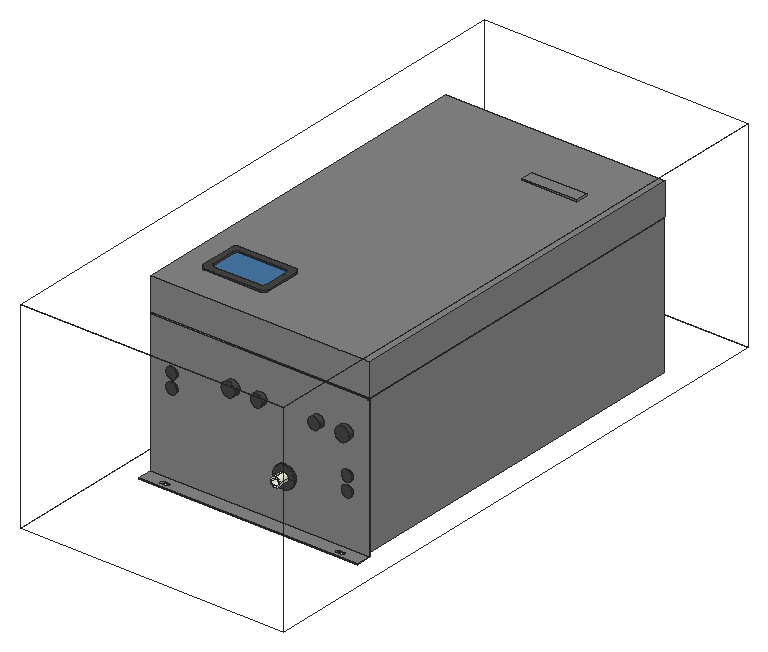
Revit family "Boiler-Weil_McLain-Simplicity-110MBH_150MBH", category Mechanical Equipment, host Face, Revit 2020
Family settings
  Host = Face
  Round Connector Dimension = Use Diameter
  Part Type = Normal
  OmniClass Number = 23.75.10.11.14.14
  OmniClass Title = Condensing Boilers
  Cut with Voids When Loaded = No
  Shared = No
  Room Calculation Point = No
Parameters (values of type "150-C")
  Width = 1' - 8"  # constant formula
  Weight = if(Constraint = 1, "96 lb.", "105 lb.")  # "105 lb."
  Vent Option [instance] = if(and([Vent Connection - 2in], [Vent Connection - 3in]), "Select one Vent Option", if([Vent Connection - 2in], "Vent Connection | Size (2in)", if([Vent Connection - 3in], "Vent Connection | Size (3in)", "Select Vent Option")))  # "Select one Vent Option"
  Vent Material [instance] = "PVC,CPVC,PP, SS"  # constant formula
  Vent Diameter [instance] = 3"  # constant formula
  Vent Description [instance] = "Intake Vent"  # constant formula
  Vent Connection - 3in [instance] = yes
  Vent Connection - 2in [instance] = yes
  Tank Capacity = if(Constraint = 1, "2.2 gal.", "3.1 gal.")  # "3.1 gal."
  Power Factor = 1  # constant formula
  Phase = 1  # constant formula
  Number of Poles = 1  # constant formula
  Model = if(Constraint = 1, "110-C", "150-C")  # "150-C"
  Maximum Input Rate = 150000.0 Btu/h
  Manufacturer = "Weil-McLain®"  # constant formula
  Keynote = ""
  Hot Water Connection Diameter = 1/2"  # constant formula
  Hot Water Connection Description = "Male NPT"  # constant formula
  Gas Supply Connection Diameter = 1/2"  # constant formula
  Gas Supply Connection Description = "Male NPT"  # constant formula
  Frequency = 60 Hz  # constant formula
  Exhaust Diameter [instance] = if([Vent Connection - 3in], 3", 2")  # 3"
  Exhaust Description [instance] = "Exhaust Vent"  # constant formula
  Copyright = "© Copyright - WM Technologies LLC 2015-2024"  # constant formula
  Constraint = 2
  Condensate Tube Connection = 0' - 0 13/16"  # constant formula
  URL = "https://www.weil-mclain.com/"
  Product Page URL = ""
  Product Name = "Simplicity™"  # constant formula
  Product Documentation Link = ""
  Height = 2' - 10"  # constant formula
  Description = "Gas Boiler"  # constant formula
  Depth = 1' - 4"  # constant formula
  Default Elevation = 4' - 0"
  Clearance [instance] = yes
  Boiler Out Description = "Male NPT"  # constant formula
  Boiler Out Connection = 0' - 0 3/4"  # constant formula
  Boiler In Description = "Male NPT"  # constant formula
  Boiler In Connection = 0' - 0 3/4"  # constant formula
  Assembly Code = ""
Types (3): name | Weight | Tank Capacity | Model | Maximum Input Rate | Keynote | Constraint | Default Elevation | Assembly Code
  (no name) | "105 lb." | "3.1 gal." | "150-C" | 150000.0 Btu/h | "" | 2 | 4' - 0" | ""
  110-C | "96 lb." | "2.2 gal." | "110-C" | 110000.0 Btu/h | "D3010500" | 1 | 0' - 0" | "23 52 16"
  150-C | "105 lb." | "3.1 gal." | "150-C" | 150000.0 Btu/h | "" | 2 | 4' - 0" | ""
Reference planes (in)
  plane 1 "Center (Front/Back)": y = 0.0592
  plane 2: z = 0
  plane 3 "Center (Left/Right)": x = 0
  plane 4: x = 10
  plane 5: x = -10
  plane 6: y = 17.0592
  plane 7: y = -16.9408
  plane 8: z = 16
Forms (in)
  Extrusion 1, solid, material "Metal - Weil McLain - Steel", detail levels fine
    sketch origin (0, 0, 0) x (0, 1, 0) y (0, 0, 1)
      loop
        line (-17.95, 0.05) -> (-17.95, 0) -> (-16.53, 0) -> (-16.53, 12.89102) -> (-16.58, 12.89102) -> (-16.58, 0.05) -> (-17.95, 0.05)
    from -10 to 10
  Extrusion 2, solid, material "Metal - Weil McLain - Steel", detail levels fine
    sketch origin (0, 0, 0) x (0, 1, 0) y (0, 0, 1)
      loop
        line (-16.5, 0.38) -> (17.00831, 0.38) -> (17.00831, 12.89102) -> (-16.5, 12.89102) -> (-16.5, 0.38)
    from -10 to 10
  Extrusion 3, solid, material "Metal - Weil McLain - Steel", detail levels fine
    sketch origin (0, 0, 0) x (1, 0, 0) y (0, 1, 0)
      loop
        line (-9.75, -16.25) -> (9.75, -16.25) -> (9.75, 16.75831) -> (-9.75, 16.75831) -> (-9.75, -16.25)
    from 12.89102 to 13.04018
  Extrusion 4, solid, material "Metal - Weil McLain - Steel", detail levels fine
    sketch origin (0, 0, 0) x (0, 1, 0) y (0, 0, 1)
      loop
        line (-16.58, 13.04018) -> (17.0592, 13.04018) -> (17.0592, 16) -> (-16.58, 16) -> (-16.58, 13.04018)
    from -10 to 10
  Extrusion 5, solid, material "Metal - Weil McLain - Steel", detail levels fine
    sketch origin (0, 0, 0) x (1, 0, 0) y (0, 1, 0)
      loop
        line (1.98384, 11.92601) -> (1.98384, 10.77375) -> (7.01611, 10.77375) -> (7.01611, 11.92601) -> (1.98384, 11.92601)
    from 16 to 16.14023
  Extrusion 6, solid, material "Metal - Weil-Mclain - Paint Black", detail levels fine
    sketch origin (0, 0, 0) x (1, 0, 0) y (0, 1, 0)
      loop
        arc (-7.94958, -13.06472) -> (-7.81376, -13.39262) -> (-7.48586, -13.52843) r 0.46371
        line (-7.48586, -13.52843) -> (-2.49586, -13.52843)
        arc (-2.49586, -13.52843) -> (-2.16797, -13.39262) -> (-2.03215, -13.06472) r 0.46371
        line (-2.03215, -13.06472) -> (-2.03215, -9.97872)
        arc (-2.03215, -9.97872) -> (-2.16797, -9.65083) -> (-2.49586, -9.51501) r 0.46371
        line (-2.49586, -9.51501) -> (-7.48586, -9.51501)
        arc (-7.48586, -9.51501) -> (-7.81376, -9.65083) -> (-7.94958, -9.97872) r 0.46371
        line (-7.94958, -9.97872) -> (-7.94958, -13.06472)
      loop
        arc (-7.02967, -10.06188) -> (-7.29344, -10.17114) -> (-7.4027, -10.43492) r 0.37303
        line (-7.4027, -10.43492) -> (-7.4027, -12.60853)
        arc (-7.4027, -12.60853) -> (-7.29344, -12.8723) -> (-7.02967, -12.98156) r 0.37303
        line (-7.02967, -12.98156) -> (-2.95206, -12.98156)
        arc (-2.95206, -12.98156) -> (-2.68828, -12.8723) -> (-2.57902, -12.60853) r 0.37303
        line (-2.57902, -12.60853) -> (-2.57902, -10.43492)
        arc (-2.57902, -10.43492) -> (-2.68828, -10.17114) -> (-2.95206, -10.06188) r 0.37303
        line (-2.95206, -10.06188) -> (-7.02967, -10.06188)
    from 16 to 16.14023
  Extrusion 7, solid, material "Screen - Weil-McLain - Display Screen", detail levels fine
    sketch origin (0, 0, 0) x (1, 0, 0) y (0, 1, 0)
      loop
        arc (-7.02967, -10.06188) -> (-7.29344, -10.17114) -> (-7.4027, -10.43492) r 0.37303
        line (-7.4027, -10.43492) -> (-7.4027, -12.60853)
        arc (-7.4027, -12.60853) -> (-7.29344, -12.8723) -> (-7.02967, -12.98156) r 0.37303
        line (-7.02967, -12.98156) -> (-2.95206, -12.98156)
        arc (-2.95206, -12.98156) -> (-2.68828, -12.8723) -> (-2.57902, -12.60853) r 0.37303
        line (-2.57902, -12.60853) -> (-2.57902, -10.43492)
        arc (-2.57902, -10.43492) -> (-2.68828, -10.17114) -> (-2.95206, -10.06188) r 0.37303
        line (-2.95206, -10.06188) -> (-7.02967, -10.06188)
    from 16 to 16.05863
  Extrusion 8, void
    sketch origin (0, 0, 0) x (1, 0, 0) y (0, 1, 0)
      loop
        arc (-8.2, -17.26) -> (-8.39, -17.45) -> (-8.2, -17.64) r 0.19
        line (-8.2, -17.64) -> (-7.8, -17.64)
        arc (-7.8, -17.64) -> (-7.61, -17.45) -> (-7.8, -17.26) r 0.19
        line (-7.8, -17.26) -> (-8.2, -17.26)
      loop
        line (8.2, -17.26) -> (7.8, -17.26)
        arc (7.8, -17.26) -> (7.61, -17.45) -> (7.8, -17.64) r 0.19
        line (7.8, -17.64) -> (8.2, -17.64)
        arc (8.2, -17.64) -> (8.39, -17.45) -> (8.2, -17.26) r 0.19
    from 0 to 0.05
  Revolve 9, solid, material "Metal - Weil-Mclain - Paint Black", detail levels fine
    sketch origin (0, 0, 8.88062) x (1, 0, 0) y (0, 1, 0)
      loop
        line (-7.51124, 17.24665) -> (-7.51124, 17.0592) -> (-6.51775, 17.0592) -> (-6.51775, 20.94111) -> (-6.89575, 20.94111) -> (-6.93731, 20.19111) -> (-6.93731, 17.24665) -> (-7.51124, 17.24665)
      axis (-6.51775, 20.94111) -> (-6.51775, 17.0592)
    angle from 0 to 360
  Extrusion 10, solid, material "Plastic - Weil-Mclain - Plastic - White", detail levels fine
    sketch origin (0, 0.0592, 0) x (1, 0, 0) y (0, 0, 1)
      loop
        arc (-6.19327, 10.60919) -> (-6.50468, 10.8021) -> (-6.81609, 10.60919) r 0.3478
        line (-6.81609, 10.60919) -> (-6.89654, 10.20373)
        arc (-6.89654, 10.20373) -> (-7.10254, 10.00716) -> (-7.33329, 9.84032) r 2.09602
        arc (-7.33329, 9.84032) -> (-7.69833, 9.37477) -> (-7.8397, 8.80031) r 1.40691
        line (-7.8397, 8.80031) -> (-7.87902, 7.4673)
        arc (-7.87902, 7.4673) -> (-7.74853, 7.15229) -> (-7.43352, 7.0218) r 0.4455
        line (-7.43352, 7.0218) -> (-5.57584, 7.0218)
        arc (-5.57584, 7.0218) -> (-5.26082, 7.15229) -> (-5.13034, 7.4673) r 0.4455
        line (-5.13034, 7.4673) -> (-5.16965, 8.80031)
        arc (-5.16965, 8.80031) -> (-5.31103, 9.37477) -> (-5.67607, 9.84032) r 1.40691
        arc (-5.67607, 9.84032) -> (-5.90681, 10.00716) -> (-6.11282, 10.20373) r 2.09602
        line (-6.11282, 10.20373) -> (-6.19327, 10.60919)
    from -17 to -16.94911
  Extrusion 11, solid, material "Metal - Weil McLain - Steel", detail levels fine
    sketch origin (0, 0, 0) x (0, 1, 0) y (0, 0, 1)
      loop
        line (18.46636, 8.44774) -> (17.48938, 8.44774)
        arc (17.48938, 8.44774) -> (17.37664, 8.41219) -> (17.30467, 8.3184) r 0.19657
        line (17.30467, 8.3184) -> (17.30467, 7.87544) -> (17.36326, 7.87544) -> (17.36326, 8.30713)
        arc (17.36326, 8.30713) -> (17.41416, 8.36684) -> (17.48938, 8.38915) r 0.13798
        line (17.48938, 8.38915) -> (18.46636, 8.38915) -> (18.46636, 8.44774)
    from -7.91061 to -5.11082
  Extrusion 12, void
    sketch origin (0, 0, 0) x (1, 0, 0) y (0, 1, 0)
      loop
        arc (-7.47668, 18.20665) -> (-7.60168, 18.08165) -> (-7.47668, 17.95665) r 0.125
        line (-7.47668, 17.95665) -> (-5.53739, 17.95665)
        arc (-5.53739, 17.95665) -> (-5.41239, 18.08165) -> (-5.53739, 18.20665) r 0.125
        line (-5.53739, 18.20665) -> (-7.47668, 18.20665)
    from 8.38915 to 8.44774
  Extrusion 13, solid, material "Metal - Weil McLain - Steel", detail levels fine
    sketch origin (0, 0, 0) x (1, 0, 0) y (0, 1, 0)
      loop
        circle (-7.13706, 18.08165) r 0.125
      loop
        circle (-5.88437, 18.08165) r 0.125
    from 7.69844 to 8.95
  Extrusion 14, solid, material "Metal - Weil McLain - Steel", detail levels fine
    sketch origin (-7.13019, 0, 0) x (1, 0, 0) y (0, 1, 0)
      loop
        line (0, 18.30747) -> (-0.20257, 18.19052) -> (-0.20257, 17.95662) -> (0, 17.83967) -> (0.20257, 17.95662) -> (0.20257, 18.19052) -> (0, 18.30747)
      loop
        line (1.23894, 18.30747) -> (1.03638, 18.19052) -> (1.03638, 17.95662) -> (1.23894, 17.83967) -> (1.44151, 17.95662) -> (1.44151, 18.19052) -> (1.23894, 18.30747)
    from 8.12778 to 8.38915
  Revolve 15, solid, material "Plastic - Weil-Mclain - Plastic - White", detail levels fine
    sketch origin (0, 0, 4.8917) x (1, 0, 0) y (0, 1, 0)
      loop
        line (-1.95042, 19.02347) -> (-2.15917, 19.02347) -> (-2.15917, 17.0592) -> (-2.07367, 17.0592) -> (-2.04525, 17.22036) -> (-1.86589, 17.22036) -> (-1.86589, 17.66953) -> (-2.00044, 17.66953) -> (-2.00044, 17.74151) -> (-1.86589, 17.74151) -> (-1.86589, 18.74094) -> (-2.05958, 18.74094) -> (-2.05958, 18.81242) -> (-1.95042, 18.81242) -> (-1.95042, 19.02347)
      axis (-3.82542, 19.02347) -> (-3.82542, 17.0592)
    angle from 0 to 360
  Extrusion 16, solid, material "Plastic - Weil-Mclain - Plastic - White", detail levels fine
    sketch origin (0, 0.0592, 0) x (1, 0, 0) y (0, 0, 1)
      loop
        arc (-2.55267, 6.96483) -> (-2.99083, 7.45007) -> (-3.63053, 7.31504) r 0.6554
        arc (-3.63053, 7.31504) -> (-5.39307, 6.70986) -> (-6.23766, 5.0487) r 2.48201
        arc (-6.23766, 5.0487) -> (-6.46728, 4.34742) -> (-6.00638, 3.77115) r 0.77595
        arc (-6.00638, 3.77115) -> (-4.53454, 2.59443) -> (-2.65455, 2.72342) r 2.59573
        arc (-2.65455, 2.72342) -> (-2.01554, 2.86059) -> (-1.81233, 3.48177) r 0.65585
        arc (-1.81233, 3.48177) -> (-1.48935, 5.37063) -> (-2.55267, 6.96483) r 2.59099
    from -17.03422 to -16.94911
  Extrusion 17, solid, material "Metal - Weil McLain - Steel", detail levels fine
    sketch origin (6.71196, 0.0592, 0) x (1, 0, 0) y (0, 0, 1)
      loop
        line (0, 10.29359) -> (-0.61398, 9.93911) -> (-0.61398, 9.23014) -> (0, 8.87566) -> (0.61398, 9.23014) -> (0.61398, 9.93911) -> (0, 10.29359)
    from -17.69796 to -17.33796
  Revolve 18, solid, material "Metal - Weil McLain - Steel", detail levels fine
    sketch origin (0.03065, 0, 9.5625) x (1, 0, 0) y (0, 1, 0)
      loop
        line (6.15303, 17.75716) -> (6.68131, 17.75716) -> (6.68131, 18.69716) -> (6.11821, 18.69716) -> (6.11821, 18.01379) -> (6.17549, 18.01379) -> (6.15303, 17.75716)
      loop
        line (6.68131, 17.43733) -> (6.11131, 17.43733) -> (6.11131, 17.13385) -> (5.80179, 17.13385) -> (5.80179, 17.0592) -> (6.68131, 17.0592) -> (6.68131, 17.43733)
      axis (6.68131, 18.69716) -> (6.68131, 17.0592)
    angle from 0 to 360
  Extrusion 19, solid, material "Metal - Weil-Mclain - Paint Black"
    sketch origin (0, 0.0592, 0) x (1, 0, 0) y (0, 0, 1)
      loop
        circle (8.20597, 5.24113) r 0.45217
      loop
        circle (8.20597, 6.49113) r 0.45217
    from -17.03422 to -16.94911
  Extrusion 20, solid, material "Plastic - Weil-Mclain - Plastic - White", detail levels fine
    sketch origin (0, 0.0592, 0) x (1, 0, 0) y (0, 0, 1)
      loop
        arc (4.6635, 6.24768) -> (4.37522, 6.94363) -> (3.67926, 7.23191) r 0.98423
        line (3.67926, 7.23191) -> (0.95634, 7.23191)
        arc (0.95634, 7.23191) -> (0.26038, 6.94363) -> (-0.02789, 6.24768) r 0.98423
        line (-0.02789, 6.24768) -> (-0.02789, 3.54539)
        arc (-0.02789, 3.54539) -> (0.26038, 2.84944) -> (0.95634, 2.56116) r 0.98423
        line (0.95634, 2.56116) -> (3.67926, 2.56116)
        arc (3.67926, 2.56116) -> (4.37522, 2.84944) -> (4.6635, 3.54539) r 0.98423
        line (4.6635, 3.54539) -> (4.6635, 6.24768)
    from -17.13512 to -16.94911
  Revolve 21, solid, material "Plastic - Weil-Mclain - Plastic - White", detail levels fine
    sketch origin (0, 0, 4.875) x (1, 0, 0) y (0, 1, 0)
      loop
        line (0.68305, 22.10073) -> (0.43305, 22.10073)
        arc (0.43305, 22.10073) -> (0.22277, 22.03443) -> (0.08855, 21.85951) r 0.36661
        line (0.08855, 21.85951) -> (0.08855, 19.6839) -> (0.16958, 19.6839)
        arc (0.16958, 19.6839) -> (0.31054, 18.47275) -> (0.08543, 17.27438) r 4.05896
        line (0.08543, 17.27438) -> (0.40659, 17.27438) -> (0.40659, 17.19432) -> (0.59409, 17.19432) -> (0.59409, 17.46188) -> (0.34112, 17.46188)
        arc (0.34112, 17.46188) -> (0.50016, 18.66888) -> (0.3102, 19.8714) r 4.24646
        line (0.3102, 19.8714) -> (0.27605, 19.8714) -> (0.27605, 21.82032)
        arc (0.27605, 21.82032) -> (0.34183, 21.88826) -> (0.43305, 21.91323) r 0.17911
        line (0.43305, 21.91323) -> (0.68305, 21.91323) -> (0.68305, 22.10073)
      axis (2.3178, 22.10073) -> (2.3178, 17.19432)
    angle from 0 to 360
  Revolve 22, solid, material "Plastic - Weil-Mclain - Plastic - White", detail levels fine
    sketch origin (2.3178, 0.03125, 0) x (0, 1, 0) y (0, 0, 1)
      loop
        line (18.0902, 7.61309) -> (17.73588, 7.70803) -> (17.33987, 6.99362) -> (17.65117, 6.82106) -> (18.0902, 7.61309)
      axis (18.0902, 7.61309) -> (17.65117, 6.82106)
    angle from 0 to 360
  Extrusion 23, solid, material "Metal - Weil-Mclain - Paint Black"
    sketch origin (0, 0.0592, 0) x (1, 0, 0) y (0, 0, 1)
      loop
        circle (-2.52962, 9.53164) r 0.64429
      loop
        circle (7.84538, 9.53164) r 0.64429
      loop
        circle (0.03881, 9.51708) r 0.5457
      loop
        circle (5.28881, 9.51708) r 0.5457
    from 16.6392 to 17.11699
  Extrusion 24, solid, material "Metal - Weil-Mclain - Paint Black"
    sketch origin (0, 0.0592, 0) x (1, 0, 0) y (0, 0, 1)
      loop
        circle (-8.01941, 8.7711) r 0.5
      loop
        circle (-8.01941, 7.5211) r 0.5
      loop
        circle (7.97002, 6.00975) r 0.5
      loop
        circle (7.97002, 4.74113) r 0.5
    from 16.6392 to 16.71543
  Revolve 25, solid, material "Plastic - Weil-Mclain - Plastic - White"
    sketch origin (0, 0, 3.9375) x (1, 0, 0) y (0, 1, 0)
      loop
        line (1.29, -16.77) -> (1.88299, -16.77) -> (1.88299, -17.71272) -> (1.96183, -17.71272) -> (1.96183, -16.58) -> (1.29, -16.58) -> (1.29, -16.77)
      axis (2.29, -17.71272) -> (2.29, -16.58)
    angle from 0 to 360
  Extrusion 26, solid, material "Metal - Weil McLain - Steel", detail levels coarse+medium
    sketch origin (0, 0, 0) x (1, 0, 0) y (0, 1, 0)
      loop
        line (-10, 17.0592) -> (-10, -16.58) -> (10, -16.58) -> (10, 17.0592) -> (-10, 17.0592)
    from 0 to 16
  Extrusion 27, solid, material "Metal - Weil McLain - Steel", detail levels coarse+medium
    sketch origin (0, 0, 0) x (0, 1, 0) y (0, 0, 1)
      loop
        line (-17.95, 0.05) -> (-17.95, 0) -> (-16.58, 0) -> (-16.58, 0.05) -> (-17.95, 0.05)
    from -10 to 10
  Revolve 28, solid, material "Metal - Weil-Mclain - Paint Black", detail levels coarse+medium
    sketch origin (0, 0, 8.88062) x (1, 0, 0) y (0, 1, 0)
      loop
        line (-6.51775, 20.94111) -> (-6.93731, 20.94111) -> (-6.93731, 17.24665) -> (-7.51124, 17.24665) -> (-7.51124, 17.0592) -> (-6.51775, 17.0592) -> (-6.51775, 20.94111)
      axis (-6.51775, 17.0592) -> (-6.51775, 20.94111)
    angle from 0 to 360
  Revolve 29, solid, material "Plastic - Weil-Mclain - Plastic - White", detail levels coarse+medium
    sketch origin (0, 0, 4.91372) x (1, 0, 0) y (0, 1, 0)
      loop
        line (-5.70042, 19.02347) -> (-5.70042, 17.0592) -> (-3.82542, 17.0592) -> (-3.82542, 19.02347) -> (-5.70042, 19.02347)
      axis (-3.82542, 17.0592) -> (-3.82542, 19.02347)
    angle from 0 to 360
  Revolve 30, solid, material "Plastic - Weil-Mclain - Plastic - White", detail levels coarse+medium
    sketch origin (0, 0, 4.86996) x (1, 0, 0) y (0, 1, 0)
      loop
        line (2.3178, 22.10073) -> (0, 22.10073) -> (0, 17.0592) -> (2.3178, 17.0592) -> (2.3178, 22.10073)
      axis (2.3178, 17.0592) -> (2.3178, 22.10073)
    angle from 0 to 360
  Revolve 31, solid, material "Metal - Weil McLain - Steel", detail levels coarse+medium
    sketch origin (0, 0, 9.5625) x (1, 0, 0) y (0, 1, 0)
      loop
        line (6.71196, 18.69716) -> (6.14885, 18.69716) -> (6.14885, 17.0592) -> (6.71196, 17.0592) -> (6.71196, 18.69716)
      axis (6.71196, 18.69716) -> (6.71196, 17.0592)
    angle from 0 to 360
  Extrusion 32, solid, material "Clearances - Weil McLain", visible <- "Clearance"
    sketch origin (0, 0, 0) x (1, 0, 0) y (0, 1, 0)
      loop
        line (-12, 24.10073) -> (-12, -28.9408) -> (12, -28.9408) -> (12, 24.10073) -> (-12, 24.10073)
    from 0 to 18.31857
Cuts and joins
  Extrusion 8 cuts Extrusion 1
  joined: Extrusion 1, Extrusion 2, Extrusion 3, Extrusion 5
  Extrusion 12 cuts Extrusion 11
  joined: Extrusion 11, Extrusion 13, Extrusion 14
  joined: Revolve 21, Revolve 22
Dimensions and locks (in)
  equal spacing: plane 5, plane 3 "Center (Left/Right)", plane 4
  "Width": plane 5 to plane 4
  "Height": plane 6 to plane 7
  equal spacing: plane 6, plane 1 "Center (Front/Back)", plane 7
  "Depth": plane 8 to host face
  locked: Extrusion 5 to plane 8 at 0.14023
  aligned and locked: plane 2 to host face
  aligned and locked: level to host face
  aligned and locked: Extrusion 1 to plane 5
  aligned and locked: Extrusion 1 to plane 4
  aligned and locked: Extrusion 2 to plane 5
  aligned and locked: Extrusion 2 to plane 4
  aligned and locked: Extrusion 1 to Extrusion 3
  aligned and locked: Extrusion 4 to plane 4
  aligned and locked: Extrusion 4 to plane 5
  aligned and locked: plane 6 to Extrusion 4
  aligned and locked: Extrusion 5 to plane 8
  aligned and locked: Extrusion 5 to Extrusion 6
  aligned and locked: Extrusion 6 to plane 8
  aligned and locked: Extrusion 7 to plane 8
  aligned and locked: Extrusion 1 to Extrusion 8
  aligned and locked: Extrusion 16 to cut or joined group of Extrusion 1, Extrusion 2, Extrusion 3, Extrusion 5, Extrusion 8
  aligned and locked: plane 8 to Extrusion 26
  aligned and locked: Extrusion 26 to level
Automatic sketch dimensions
  host sketch curve to host sketch curve = 8' - 0"  (x2)
  Extrusion 1 sketch curve to level = 0' - 0"
  level to Extrusion 1 sketch curve = 0' - 0.05"
  plane 7 to Extrusion 1 sketch curve = 0' - 1.0092"
  Extrusion 1 sketch curve to plane 7 = 0' - 0.3608"
  Extrusion 1 sketch curve to Extrusion 1 sketch curve = 0' - 0.05"
  Extrusion 1 sketch curve to plane 8 = 0' - 3.10898"
  Extrusion 2 sketch curve to plane 7 = 0' - 0.4408"
  Extrusion 2 sketch curve to plane 6 = 0' - 0.05089"
  level to Extrusion 2 sketch curve = 0' - 0.38"
  Extrusion 2 sketch curve to plane 8 = 0' - 3.10898"
  plane 5 to Extrusion 3 sketch curve = 0' - 0 1/4"
  plane 4 to Extrusion 3 sketch curve = 0' - 0 1/4"
  Extrusion 3 sketch curve to plane 7 = 0' - 0.6908"
  Extrusion 3 sketch curve to plane 6 = 0' - 0.30089"
  Extrusion 4 sketch curve to plane 8 = 0' - 0"
  Extrusion 4 sketch curve to plane 6 = 0' - 0"
  Extrusion 4 sketch curve to plane 7 = 0' - 0.3608"
  Extrusion 4 sketch curve to plane 8 = 0' - 2.95982"
  plane 3 "Center (Left/Right)" to Extrusion 5 sketch curve = 0' - 1.98384"
  plane 4 to Extrusion 5 sketch curve = 0' - 2.98389"
  Extrusion 5 sketch curve to plane 6 = 0' - 6.28545"
  Extrusion 5 sketch curve to Extrusion 5 sketch curve = 0' - 1.15227"
  plane 5 to Extrusion 6 sketch curve = 0' - 2.05042"
  Extrusion 6 sketch curve to Extrusion 6 sketch curve = 0' - 0.46371"  (x3)
  Extrusion 6 sketch curve to Extrusion 6 sketch curve = 0' - 0.08316"  (x3)
  Extrusion 6 sketch curve to Extrusion 6 sketch curve = 0' - 0.37303"  (x3)
  Extrusion 6 sketch curve to plane 3 "Center (Left/Right)" = 0' - 2.95206"
  Extrusion 6 sketch curve to Extrusion 6 sketch curve = 0' - 0"
  Extrusion 6 sketch curve to Extrusion 6 sketch curve = 0' - 0.45619"  (x2)
  Extrusion 6 sketch curve to plane 7 = 0' - 3.41236"
  Extrusion 6 sketch curve to Extrusion 6 sketch curve = 0' - 2.17361"
  plane 5 to Extrusion 7 sketch curve = 0' - 2.5973"
  Extrusion 7 sketch curve to Extrusion 7 sketch curve = 0' - 0.37303"  (x3)
  Extrusion 7 sketch curve to plane 3 "Center (Left/Right)" = 0' - 2.95206"
  Extrusion 7 sketch curve to Extrusion 7 sketch curve = 0' - 0"
  Extrusion 7 sketch curve to plane 7 = 0' - 3.95924"
  Extrusion 7 sketch curve to Extrusion 7 sketch curve = 0' - 2.17361"
  plane 7 to Extrusion 8 sketch curve = 0' - 0.3192"
  plane 5 to Extrusion 8 sketch curve = 0' - 1.8"
  Extrusion 8 sketch curve to Extrusion 8 sketch curve = 0' - 0.4"  (x2)
  plane 7 to Extrusion 8 sketch curve = 0' - 0 179/256"
  plane 4 to Extrusion 8 sketch curve = 0' - 2.2"
  Extrusion 8 sketch curve to Extrusion 8 sketch curve = 0' - 0.38"
  Extrusion 8 sketch curve to Extrusion 8 sketch curve = 0' - 0.19"
  Revolve 9 sketch curve to plane 6 = 0' - 0"  (x2)
  plane 5 to Revolve 9 sketch curve = 0' - 2.48876"
  plane 6 to Revolve 9 sketch curve = 0' - 0.18745"
  Revolve 9 sketch curve to Revolve 9 sketch curve = 0' - 0.57393"
  Revolve 9 sketch curve to Revolve 9 sketch curve = 0' - 0.04156"
  Revolve 9 sketch curve to Revolve 9 sketch curve = 0' - 0.378"
  Revolve 9 sketch curve to Revolve 9 sketch curve = 0' - 2.94446"
  Revolve 9 sketch curve to Revolve 9 sketch curve = 0' - 0 3/4"
  Revolve 9 sketch curve to Revolve 9 sketch curve = 0' - 0"
  Revolve 9 sketch curve to Revolve 9 sketch curve = 0' - 0 1/4"
  plane 5 to Extrusion 10 sketch curve = 0' - 1.5568"
  plane 5 to Extrusion 10 sketch curve = 0' - 2.12098"
  Extrusion 10 sketch curve to Extrusion 10 sketch curve = 0' - 0.03931"
  Extrusion 10 sketch curve to Extrusion 10 sketch curve = 0' - 0.94316"
  Extrusion 10 sketch curve to Extrusion 10 sketch curve = 0' - 0.08045"  (x2)
  Extrusion 10 sketch curve to Extrusion 10 sketch curve = 0' - 1.26375"  (x2)
  Extrusion 10 sketch curve to Extrusion 10 sketch curve = 0' - 0.31141"  (x2)
  Extrusion 10 sketch curve to Extrusion 10 sketch curve = 0' - 0.14256"
  Extrusion 10 sketch curve to Extrusion 10 sketch curve = 0' - 1.85768"
  Extrusion 10 sketch curve to Extrusion 10 sketch curve = 0' - 0.4455"  (x2)
  Extrusion 10 sketch curve to Extrusion 10 sketch curve = 0' - 1.62711"
  level to Extrusion 10 sketch curve = 0' - 7.0218"
  Extrusion 10 sketch curve to Extrusion 10 sketch curve = 0' - 1.29153"
  Extrusion 10 sketch curve to Extrusion 10 sketch curve = 0' - 0"  (x2)
  Extrusion 10 sketch curve to Extrusion 10 sketch curve = 0' - 0.04147"  (x2)
  Extrusion 10 sketch curve to Extrusion 10 sketch curve = 0' - 1.4449"
  Extrusion 10 sketch curve to Extrusion 10 sketch curve = 0' - 0.25056"
  Extrusion 10 sketch curve to Extrusion 10 sketch curve = 0' - 0.1549"
  Extrusion 10 sketch curve to Extrusion 10 sketch curve = 0' - 1.00916"  (x2)
  Extrusion 11 sketch curve to Extrusion 11 sketch curve = 0' - 0"  (x2)
  plane 6 to Extrusion 11 sketch curve = 0' - 0.24547"
  Extrusion 11 sketch curve to Extrusion 11 sketch curve = 0' - 0 15/256"
  Extrusion 11 sketch curve to Extrusion 11 sketch curve = 0' - 0.12612"
  Extrusion 11 sketch curve to Extrusion 11 sketch curve = 0' - 0.97697"
  Extrusion 11 sketch curve to plane 8 = 0' - 7.74883"
  Extrusion 11 sketch curve to Extrusion 11 sketch curve = 0' - 0.05595"
  Extrusion 11 sketch curve to Extrusion 11 sketch curve = 0' - 0.01128"
  Extrusion 11 sketch curve to Extrusion 11 sketch curve = 0' - 0.37573"
  plane 5 to Extrusion 12 sketch curve = 0' - 2.52332"
  Extrusion 12 sketch curve to Extrusion 12 sketch curve = 0' - 1.93929"
  plane 6 to Extrusion 12 sketch curve = 0' - 1.02245"
  Extrusion 12 sketch curve to Extrusion 12 sketch curve = 0' - 0 1/8"
  plane 6 to Extrusion 13 sketch curve = 0' - 1.02245"  (x2)
  plane 5 to Extrusion 13 sketch curve = 0' - 2.86294"
  Extrusion 13 sketch curve to Extrusion 13 sketch curve = 0' - 1.25269"
  plane 6 to Extrusion 14 sketch curve = 0' - 1.13132"  (x2)
  plane 5 to Extrusion 14 sketch curve = 0' - 2.66725"
  plane 6 to Extrusion 14 sketch curve = 0' - 0.78046"  (x2)
  Extrusion 14 sketch curve to Extrusion 14 sketch curve = 0' - 0.20257"  (x6)
  plane 6 to Extrusion 14 sketch curve = 0' - 1.24827"  (x2)
  Extrusion 14 sketch curve to Extrusion 14 sketch curve = 0' - 0.83381"
  Extrusion 14 sketch curve to Extrusion 14 sketch curve = 0' - 0.2339"  (x4)
  Extrusion 14 sketch curve to Extrusion 14 sketch curve = 0' - 0.11695"  (x2)
  Revolve 15 sketch curve to plane 6 = 0' - 0"  (x2)
  Revolve 15 sketch curve to plane 3 "Center (Left/Right)" = 0' - 2.15917"
  Revolve 15 sketch curve to Revolve 15 sketch curve = 0' - 0.08549"
  Revolve 15 sketch curve to Revolve 15 sketch curve = 0' - 0.09958"
  plane 6 to Revolve 15 sketch curve = 0' - 0.16116"
  Revolve 15 sketch curve to Revolve 15 sketch curve = 0' - 0.02842"
  Revolve 15 sketch curve to Revolve 15 sketch curve = 0' - 0.04481"
  Revolve 15 sketch curve to Revolve 15 sketch curve = 0' - 0.10916"
  Revolve 15 sketch curve to Revolve 15 sketch curve = 0' - 0.13455"
  Revolve 15 sketch curve to Revolve 15 sketch curve = 0' - 0"
  Revolve 15 sketch curve to Revolve 15 sketch curve = 0' - 0.44917"
  Revolve 15 sketch curve to Revolve 15 sketch curve = 0' - 0.07198"
  Revolve 15 sketch curve to Revolve 15 sketch curve = 0' - 0.99942"
  Revolve 15 sketch curve to Revolve 15 sketch curve = 0' - 0.07148"
  Revolve 15 sketch curve to Revolve 15 sketch curve = 0' - 0.21105"
  Revolve 15 sketch curve to plane 6 = 0' - 0 1/4"
  Revolve 15 sketch curve to Revolve 15 sketch curve = 0' - 1.66626"
  plane 5 to Extrusion 16 sketch curve = 0' - 4.29625"
  Extrusion 16 sketch curve to Extrusion 16 sketch curve = 0' - 1.68003"
  Extrusion 16 sketch curve to Extrusion 16 sketch curve = 0' - 0.259"
  Extrusion 16 sketch curve to Extrusion 16 sketch curve = 0' - 0.00462"
  Extrusion 16 sketch curve to Extrusion 16 sketch curve = 0' - 0.56674"
  Extrusion 16 sketch curve to Extrusion 16 sketch curve = 0' - 1.31034"
  level to Extrusion 16 sketch curve = 0' - 3.34798"
  Extrusion 16 sketch curve to Extrusion 16 sketch curve = 0' - 1.13767"
  Extrusion 16 sketch curve to Extrusion 16 sketch curve = 0' - 0.34629"
  Extrusion 16 sketch curve to Extrusion 16 sketch curve = 0' - 0.00473"
  Extrusion 16 sketch curve to Extrusion 16 sketch curve = 0' - 0.23528"
  Extrusion 16 sketch curve to Extrusion 16 sketch curve = 0' - 0.30264"
  Extrusion 16 sketch curve to Extrusion 16 sketch curve = 0' - 0.53391"
  Extrusion 16 sketch curve to Extrusion 16 sketch curve = 0' - 0.43717"
  Extrusion 16 sketch curve to Extrusion 16 sketch curve = 0' - 0.20017"
  Extrusion 16 sketch curve to Extrusion 16 sketch curve = 0' - 0.64069"
  Extrusion 16 sketch curve to Extrusion 16 sketch curve = 0' - 0.64206"
  Extrusion 16 sketch curve to Extrusion 16 sketch curve = 0' - 0.62455"
  Revolve 18 sketch curve to plane 6 = 0' - 0"  (x2)
  plane 6 to Revolve 18 sketch curve = 0' - 0.07465"
  plane 4 to Revolve 18 sketch curve = 0' - 4.16757"
  Revolve 18 sketch curve to Revolve 18 sketch curve = 0' - 0.30953"
  Revolve 18 sketch curve to Revolve 18 sketch curve = 0' - 0.00689"
  plane 6 to Revolve 18 sketch curve = 0' - 0.69796"
  Revolve 18 sketch curve to Revolve 18 sketch curve = 0' - 0.03483"
  plane 6 to Revolve 18 sketch curve = 0' - 0.95459"
  Revolve 18 sketch curve to Revolve 18 sketch curve = 0' - 0.05728"
  Revolve 18 sketch curve to Revolve 18 sketch curve = 0' - 0.57"
  Revolve 18 sketch curve to Revolve 18 sketch curve = 0' - 0.56311"
  Revolve 18 sketch curve to Revolve 18 sketch curve = 0' - 0.30348"
  Revolve 18 sketch curve to Revolve 18 sketch curve = 0' - 0.68337"
  Revolve 18 sketch curve to Revolve 18 sketch curve = 0' - 0"
  Revolve 18 sketch curve to plane 6 = 0' - 0.18664"
  plane 4 to Extrusion 19 sketch curve = 0' - 1.79403"
  Extrusion 19 sketch curve to Extrusion 19 sketch curve = 0' - 0"
  level to Extrusion 19 sketch curve = 0' - 5.24113"
  Extrusion 19 sketch curve to Extrusion 19 sketch curve = 0' - 1 1/4"
  Extrusion 20 sketch curve to plane 3 "Center (Left/Right)" = 0' - 0.02789"
  plane 3 "Center (Left/Right)" to Extrusion 20 sketch curve = 0' - 0.95634"  (x2)
  Extrusion 20 sketch curve to Extrusion 20 sketch curve = 0' - 2.72292"  (x2)
  Extrusion 20 sketch curve to Extrusion 20 sketch curve = 0' - 0.98423"
  level to Extrusion 20 sketch curve = 0' - 3.54539"
  Extrusion 20 sketch curve to Extrusion 20 sketch curve = 0' - 2.70228"
  Revolve 21 sketch curve to Revolve 21 sketch curve = 0' - 0"  (x4)
  plane 6 to Revolve 21 sketch curve = 0' - 1.5552"
  Revolve 21 sketch curve to plane 3 "Center (Left/Right)" = 0' - 3.74595"
  plane 3 "Center (Left/Right)" to Revolve 21 sketch curve = 0' - 0.08543"
  plane 3 "Center (Left/Right)" to Revolve 21 sketch curve = 0' - 0.08855"
  Revolve 21 sketch curve to Revolve 21 sketch curve = 0' - 0.08103"
  Revolve 21 sketch curve to Revolve 21 sketch curve = 0' - 0.10647"
  Revolve 21 sketch curve to Revolve 21 sketch curve = 0' - 0.03416"
  Revolve 21 sketch curve to Revolve 21 sketch curve = 0' - 0.25568"
  plane 6 to Revolve 21 sketch curve = 0' - 0.13512"  (x2)
  Revolve 21 sketch curve to Revolve 21 sketch curve = 0' - 0.06548"
  Revolve 21 sketch curve to Revolve 21 sketch curve = 0' - 0.157"
  Revolve 21 sketch curve to Revolve 21 sketch curve = 0' - 0 3/16"  (x2)
  Revolve 21 sketch curve to Revolve 21 sketch curve = 0' - 0 1/4"
  plane 6 to Revolve 21 sketch curve = 0' - 0.21518"
  Revolve 21 sketch curve to Revolve 21 sketch curve = 0' - 1.86272"
  Revolve 21 sketch curve to Revolve 21 sketch curve = 0' - 0.0862"
  Revolve 21 sketch curve to Revolve 21 sketch curve = 0' - 0.03918"
  Revolve 21 sketch curve to plane 6 = 0' - 0.36488"
  Revolve 21 sketch curve to Revolve 21 sketch curve = 0' - 1.72371"
  plane 6 to Revolve 22 sketch curve = 0' - 0.31192"
  Revolve 22 sketch curve to Revolve 22 sketch curve = 0' - 0.3113"
  plane 6 to Revolve 22 sketch curve = 0' - 0.70793"
  Revolve 22 sketch curve to Revolve 22 sketch curve = 0' - 0.35432"
  level to Revolve 22 sketch curve = 0' - 6.82106"
  Revolve 22 sketch curve to Revolve 22 sketch curve = 0' - 0.17256"
  Revolve 22 sketch curve to Revolve 22 sketch curve = 0' - 0.0899"
  Revolve 22 sketch curve to Revolve 22 sketch curve = 0' - 0"  (x2)
  Revolve 22 sketch curve to Revolve 22 sketch curve = 0' - 0.16218"
  Extrusion 23 sketch curve to plane 3 "Center (Left/Right)" = 0' - 2.52962"
  plane 3 "Center (Left/Right)" to Extrusion 23 sketch curve = 0' - 0.03881"
  plane 4 to Extrusion 23 sketch curve = 0' - 4.71119"
  plane 4 to Extrusion 23 sketch curve = 0' - 2.15462"
  Extrusion 23 sketch curve to plane 8 = 0' - 6.48292"
  Extrusion 23 sketch curve to Extrusion 23 sketch curve = 0' - 0"
  Extrusion 23 sketch curve to Extrusion 23 sketch curve = 0' - 0.01456"  (x2)
  plane 5 to Extrusion 24 sketch curve = 0' - 1.98059"
  Extrusion 24 sketch curve to Extrusion 24 sketch curve = 0' - 0"  (x2)
  plane 4 to Extrusion 24 sketch curve = 0' - 2.02998"
  level to Extrusion 24 sketch curve = 0' - 4.74113"
  Extrusion 24 sketch curve to Extrusion 24 sketch curve = 0' - 1.26862"
  level to Extrusion 24 sketch curve = 0' - 7.5211"
  Extrusion 24 sketch curve to Extrusion 24 sketch curve = 0' - 1 1/4"
  Revolve 25 sketch curve to plane 7 = 0' - 0.1708"
  plane 3 "Center (Left/Right)" to Revolve 25 sketch curve = 0' - 1.29"
  Revolve 25 sketch curve to Revolve 25 sketch curve = 0' - 0.59299"
  Revolve 25 sketch curve to Revolve 25 sketch curve = 0' - 0.07884"
  plane 7 to Revolve 25 sketch curve = 0' - 0.77192"
  Revolve 25 sketch curve to Revolve 25 sketch curve = 0' - 0.19"
  Revolve 25 sketch curve to Revolve 25 sketch curve = 0' - 0.32817"
  Revolve 25 sketch curve to Revolve 25 sketch curve = 0' - 0"
  Revolve 25 sketch curve to Revolve 25 sketch curve = 0' - 0 1/4"
  Extrusion 26 sketch curve to plane 5 = 0' - 0"
  Extrusion 26 sketch curve to plane 4 = 0' - 0"
  Extrusion 26 sketch curve to plane 6 = 0' - 0"
  Extrusion 26 sketch curve to plane 7 = 0' - 0.3608"
  Extrusion 27 sketch curve to level = 0' - 0"
  plane 7 to Extrusion 27 sketch curve = 0' - 1.0092"
  Extrusion 27 sketch curve to plane 7 = 0' - 0.3608"
  Extrusion 27 sketch curve to Extrusion 27 sketch curve = 0' - 0.05"
  Revolve 28 sketch curve to plane 6 = 0' - 0"
  plane 6 to Revolve 28 sketch curve = 0' - 0.18745"
  plane 5 to Revolve 28 sketch curve = 0' - 2.48876"
  Revolve 28 sketch curve to Revolve 28 sketch curve = 0' - 0.57393"
  Revolve 28 sketch curve to Revolve 28 sketch curve = 0' - 0.41957"
  Revolve 28 sketch curve to Revolve 28 sketch curve = 0' - 3.69446"
  Revolve 28 sketch curve to Revolve 28 sketch curve = 0' - 0"  (x2)
  Revolve 28 sketch curve to Revolve 28 sketch curve = 0' - 0 1/2"
  Revolve 29 sketch curve to plane 6 = 0' - 0"
  plane 6 to Revolve 29 sketch curve = 0' - 1.96427"
  plane 5 to Revolve 29 sketch curve = 0' - 4.29958"
  Revolve 29 sketch curve to Revolve 29 sketch curve = 0' - 1 7/8"
  Revolve 29 sketch curve to Revolve 29 sketch curve = 0' - 0"  (x2)
  Revolve 29 sketch curve to Revolve 29 sketch curve = 0' - 0 1/2"
  Revolve 30 sketch curve to plane 3 "Center (Left/Right)" = 0' - 0"
  Revolve 30 sketch curve to plane 6 = 0' - 0"
  Revolve 30 sketch curve to Revolve 30 sketch curve = 0' - 2.3178"
  Revolve 30 sketch curve to Revolve 30 sketch curve = 0' - 5.04153"
  Revolve 30 sketch curve to Revolve 30 sketch curve = 0' - 0"  (x2)
  Revolve 30 sketch curve to Revolve 30 sketch curve = 0' - 0 3/4"
  Revolve 31 sketch curve to plane 6 = 0' - 0"  (x2)
  plane 4 to Revolve 31 sketch curve = 0' - 3.85115"
  Revolve 31 sketch curve to Revolve 31 sketch curve = 0' - 0.56311"
  plane 6 to Revolve 31 sketch curve = 0' - 1.63796"
  Revolve 31 sketch curve to Revolve 31 sketch curve = 0' - 0"
  Revolve 31 sketch curve to Revolve 31 sketch curve = 0' - 0 1/4"
  Extrusion 32 sketch curve to plane 5 = 0' - 2"
  Extrusion 32 sketch curve to plane 4 = 0' - 2"
  plane 7 to Extrusion 32 sketch curve = 1' - 0"
  plane 6 to Extrusion 32 sketch curve = 0' - 7.04153"
  radius of Extrusion 13 sketch curve = 0' - 0 1/8"  (x2)
  radius of Extrusion 19 sketch curve = 0' - 0.45217"  (x2)
  radius of Extrusion 23 sketch curve = 0' - 0.64429"  (x2)
  radius of Extrusion 23 sketch curve = 0' - 0.5457"  (x2)
  radius of Extrusion 24 sketch curve = 0' - 0 1/2"  (x4)
Connectors (in)
  piping at (0.03881, -17.05779, 9.51708), diameter 0.5, driven by "Hot Water Connection Diameter", driven by "Hot Water Connection Description"
    settings: on Extrusion 23, index 1, connector inside diameter 24", connector length 0' - 0", flow factor 0, pipe flow 0 GPM, pressure drop 0.00 psi, fitting loss kfactor 0, connector angle 0.00°, fixture units 0, engagement length 0' - 0", angle of deflection 0.00°, flow configuration 0, flow direction 1, fitting loss method 0, system type 19, joint type 0, gender type 0, connector reference index -1, connector utility 0, adjustable connector no, is connector primary yes, connector description "Male NPT"
  piping at (5.28881, -17.05779, 9.51708), diameter 0.5, driven by "Hot Water Connection Diameter", driven by "Hot Water Connection Description"
    settings: on Extrusion 23, index 2, connector inside diameter 24", connector length 0' - 0", flow factor 0, pipe flow 0 GPM, pressure drop 0.00 psi, fitting loss kfactor 0, connector angle 0.00°, fixture units 0, engagement length 0' - 0", angle of deflection 0.00°, flow configuration 0, flow direction 2, fitting loss method 0, system type 19, joint type 0, gender type 0, connector reference index -1, connector utility 0, adjustable connector no, is connector primary no, connector description "Male NPT"
  piping at (-2.52962, -17.05779, 9.53164), diameter 0.75, driven by "Boiler Out Connection", driven by "Boiler Out Description"
    settings: on Extrusion 23, index 3, connector inside diameter 24", connector length 0' - 0", flow factor 0, pipe flow 0 GPM, pressure drop 0.00 psi, fitting loss kfactor 0, connector angle 0.00°, fixture units 0, engagement length 0' - 0", angle of deflection 0.00°, flow configuration 0, flow direction 2, fitting loss method 0, system type 22, joint type 0, gender type 0, connector reference index -1, connector utility 0, adjustable connector no, is connector primary no, connector description "Male NPT"
  piping at (7.84538, -17.05779, 9.53164), diameter 0.75, driven by "Boiler In Connection", driven by "Boiler In Description"
    settings: on Extrusion 23, index 4, connector inside diameter 24", connector length 0' - 0", flow factor 0, pipe flow 0 GPM, pressure drop 0.00 psi, fitting loss kfactor 0, connector angle 0.00°, fixture units 0, engagement length 0' - 0", angle of deflection 0.00°, flow configuration 0, flow direction 1, fitting loss method 0, system type 22, joint type 0, gender type 0, connector reference index -1, connector utility 0, adjustable connector no, is connector primary no, connector description "Male NPT"
  piping at (2.29, -17.71272, 3.9375), diameter 0.8125, driven by "Condensate Tube Connection"
    settings: on Revolve 25, index 5, connector inside diameter 24", connector length 0' - 0", flow factor 0, pipe flow 0 GPM, pressure drop 0.00 psi, fitting loss kfactor 0, connector angle 0.00°, fixture units 0, engagement length 0' - 0", angle of deflection 0.00°, flow configuration 0, flow direction 0, fitting loss method 0, system type 7, joint type 0, gender type 0, connector reference index -1, connector utility 0, adjustable connector no, is connector primary no, connector description ""
  hvac at (2.3178, 17.46188, 4.875), driven by "Exhaust Diameter", driven by "Exhaust Description"
    settings: on cut or joined group of Revolve 21, Revolve 22, index 6, duct flow 0 CFM, flow factor 0, pres drop 0.00 in-wg, loss coef 0, conn angle 0.00°, conn width 12", conn height 12", conn diameter 3", duct sys type 3, conn prof type 0, flow config 0, flow direction 2, loss method 0, conn ref index -1, conn util no, is conn primary yes, conn desc "Exhaust Vent"
  hvac at (-3.82542, 17.22036, 4.8917), driven by "Vent Diameter", driven by "Vent Description"
    settings: on Revolve 15, index 7, duct flow 0 CFM, flow factor 0, pres drop 0.00 in-wg, loss coef 0, conn angle 0.00°, conn width 12", conn height 12", conn diameter 3", duct sys type 2, conn prof type 0, flow config 0, flow direction 1, loss method 0, conn ref index -1, conn util no, is conn primary no, conn desc "Intake Vent"
